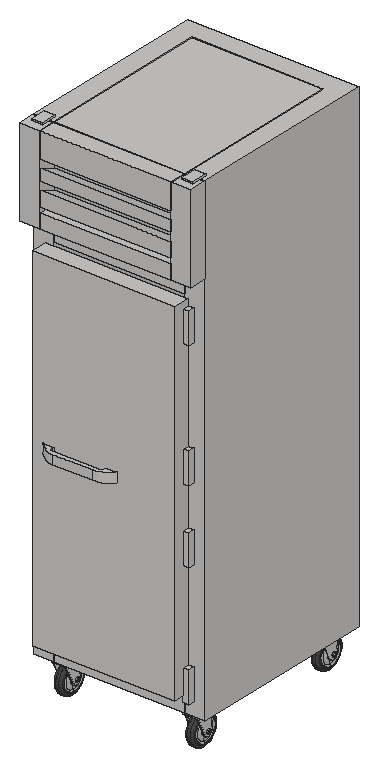
Revit family "QF_TRUE_STA1R-1S-HC", category Specialty Equipment, Revit 2017
Family settings
  Round Connector Dimension = Use Diameter
  Part Type = Normal
  Work Plane-Based = No
  Always vertical = Yes
  Cut with Voids When Loaded = No
  Shared = No
  Room Calculation Point = No
Parameters
  Weight in Pounds = 0
  Watts = if(Phase = 3, Volts * FL Amps * 1.73, Volts * FL Amps)  # 437 W
  Volts = 115 V
  URL Cutsheet = ""
  Specification by User = ""
  Specification by Manufacturer = ""
  Show Seismic Flange [instance] = no
  Show Legs [instance] = no
  Show Clearance [instance] = yes
  Show Casters [instance] = not(or(Show Legs, Show Seismic Flange))  # yes
  Serial Number = ""
  Seismic Rating = ""
  Seismic Flange [instance] = yes
  SMACNA No = ""
  Revision Code = ""
  Phase = 1
  Number of Poles = 1
  NAFEM Spec ID Number = ""
  Model = "STA1R-1S-HC"
  Min Ckt Ampacity = 0 A
  Max Overcurrent Protection = 0 A
  Masterspec = ""
  Manufacturer = "TRUE"
  Length = 27 1/2"
  Legs [instance] = yes
  Item Number = ""
  Installed By = ""
  Identify Quantity as Lot = yes
  Height [instance] = Body Height + Base Height  # 84.13097"
  HP = "1/4"
  Furnished By = ""
  Foodservice Equipment Identifier = yes
  FL Amps = 3.8 A
  Electrical Remarks = ""
  Electric Connection Type = ""
  Elec Conn RI Height = 0"
  Elec Conn Connection Height = 0"
  Description = "REACH-IN SOLID SWING DOOR REFRIGERATORS WITH HYDROCARBON REFRIGERANT"
  Depth = 35 7/32"
  Cycle = 60 Hz
  Conn Plug = "NEMA 5-15P"
  Conn Conduit = yes
  CSI MasterFormat = ""
  Body Height [instance] = 78.00597"
  Base Height [instance] = if(Show Casters, 6 1/8", if(Show Legs, 6", if(Show Seismic Flange, 6", 6 1/8")))  # 6 1/8"
  Apparent Power = if(Phase = 3, Volts * FL Amps * 1.73, Volts * FL Amps)  # 437 VA
Reference planes (in)
  plane 1 "BACK": y = 0
  plane 2: z = 0
  plane 3 "LEFT": x = 0
  plane 4 "RIGHT": x = 27.5
  plane 5 "FRONT": y = -35.21875
  plane 6 "TOP": z = 6.125
  plane 7 "Center Y": x = 13.75
  plane 8 "Center X": y = -17.60937
  plane 9: z = 84.13097
Dimensions and locks (in)
  equal spacing: plane 3 "LEFT", plane 7 "Center Y", plane 4 "RIGHT"
  "Length": plane 3 "LEFT" to plane 4 "RIGHT"
  equal spacing: plane 5 "FRONT", plane 8 "Center X", plane 1 "BACK"
  "Depth": plane 5 "FRONT" to plane 1 "BACK"
  "Base Height": plane 6 "TOP" to level
  "Body Height": plane 9 to plane 6 "TOP"
  plane 9 to plane 2 = 84.13097"
  aligned and locked: plane 2 to level
  aligned and locked: plane 6 "TOP" to nested 5
Nested families (in)
  nested 1: "6 INCHES 01_CASTER" at (3.17613, -28.92578, 0), Seismic Plate <- "Show Seismic Flange", Show 6" Casters <- "Show Casters", Show Legs <- "Show Legs", type "6 INCHES 01_CASTER"
    with Type Mark "", Status "", Specification by User "", Show Legs no, Show 6" Casters yes, Seismic Plate no, Revision Code "", Key Locks yes, Item Number "", Installed By "", Identify Quantity as Lot yes, Furnished By "", Foodservice Equipment Identifier yes
  nested 2: "6 INCHES 01_CASTER" at (3.17613, -3.70678, 0), Seismic Plate <- "Show Seismic Flange", Show 6" Casters <- "Show Casters", Show Legs <- "Show Legs", type "6 INCHES 01_CASTER"
    with Type Mark "", Status "", Specification by User "", Show Legs no, Show 6" Casters yes, Seismic Plate no, Revision Code "", Key Locks yes, Item Number "", Installed By "", Identify Quantity as Lot yes, Furnished By "", Foodservice Equipment Identifier yes
  nested 3: "6 INCHES 01_CASTER" at (24.32387, -28.92578, 0), Seismic Plate <- "Show Seismic Flange", Show 6" Casters <- "Show Casters", Show Legs <- "Show Legs", type "6 INCHES 01_CASTER"
    with Type Mark "", Status "", Specification by User "", Show Legs no, Show 6" Casters yes, Seismic Plate no, Revision Code "", Key Locks yes, Item Number "", Installed By "", Identify Quantity as Lot yes, Furnished By "", Foodservice Equipment Identifier yes
  nested 4: "6 INCHES 01_CASTER" at (24.32387, -3.70678, 0), Seismic Plate <- "Show Seismic Flange", Show 6" Casters <- "Show Casters", Show Legs <- "Show Legs", type "6 INCHES 01_CASTER"
    with Type Mark "", Status "", Specification by User "", Show Legs no, Show 6" Casters yes, Seismic Plate no, Revision Code "", Key Locks yes, Item Number "", Installed By "", Identify Quantity as Lot yes, Furnished By "", Foodservice Equipment Identifier yes
  nested 5: "STA1R-1S-HC" at (0, 0, 0), Show Clearance <- "Show Clearance", type "STA1R-1S-HC"
    with Show Clearance yes
Connectors (in)
  electrical at (21.9001, 0.25, 82.52059), driven by "Volts", driven by "Watts"
    settings: on nested 5, index 1, voltage 115 V, apparent load 437 VA, apparent load phase1 0 VA, apparent load phase2 0 VA, apparent load phase3 0 VA, power factor 1, load classification "Other", number of poles 1, system type 30, power factor state 1, is connector primary yes, connector utility no, sub classification motor no, connector description "ELECTRICAL CONNECTION"
Definition of nested family "6 INCHES 01_CASTER"
  Parameters (values of type "6 INCHES 01_CASTER")
    Weight = ""
    URL Manufacturer = ""
    URL Cutsheet = ""
    URL = ""
    Type Mark [instance] = ""
    Status [instance] = ""
    Specification by User [instance] = ""
    Specification by Manufacturer = ""
    Show Legs [instance] = yes
    Show 6" Casters [instance] = yes
    Serial Number = ""
    Seismic Rating = ""
    Seismic Plate [instance] = yes
    SMACNA No = ""
    Revision Code [instance] = ""
    Omniclass Number and Title = ""
    NAFEM Spec ID Number = ""
    Model = ""
    MasterSpec. = ""
    Manufacturer = ""
    Key Locks [instance] = yes
    Item Number [instance] = ""
    Installed By [instance] = ""
    Identify Quantity as Lot [instance] = yes
    Furnished By [instance] = ""
    Foodservice Equipment Identifier [instance] = yes
    Description = ""
    CSI MasterFormat = ""
    CSI Master Format = ""
    Assembly Code = ""
  Reference planes (in)
    plane 1: z = 0
    plane 2 "RIGHT": x = 0
    plane 3 "FRONT": y = 0
    plane 4 "TOP": z = 6.125
    plane 5: z = 6
  Forms (in)
    Revolve 1, solid, visible <- "Show 6" Casters"
      sketch origin (0, 2.21793, 0) x (0, 1, 0) y (0, 0, 1)
        loop
          line (-2.21793, 6.125) -> (-2.21793, 5.55584) -> (-0.93693, 5.55584) -> (-0.93693, 6.125) -> (-2.21793, 6.125)
        axis (-2.21793, 5.55584) -> (-2.21793, 6.125)
      angle from 0 to 360
    Extrusion 2, solid, visible <- "Show 6" Casters"
      sketch origin (-1.81294, 2.21793, 0) x (0, 1, 0) y (0, 0, 1)
        loop
          line (-3.37793, 5.55584) -> (-3.37793, 5.25584) -> (-3.23369, 5.25584)
          arc (-3.23369, 5.25584) -> (-3.1238, 5.20977) -> (-3.03725, 5.12786) r 0.33195
          line (-3.03725, 5.12786) -> (-1.55521, 1.94961)
          arc (-1.55521, 1.94961) -> (-0.54268, 1.81523) -> (-0.22336, 2.78544) r 0.8
          arc (-0.22336, 2.78544) -> (-0.27816, 2.89808) -> (-0.34988, 3.00079) r 0.8
          arc (-0.34988, 3.00079) -> (-0.37005, 3.3613) -> (-0.26088, 3.70547) r 1
          line (-0.26088, 3.70547) -> (0.31507, 4.78867)
          arc (0.31507, 4.78867) -> (-0.09241, 4.97284) -> (-0.5252, 5.08531) r 2.63
          line (-0.5252, 5.08531) -> (-0.54193, 5.25584) -> (-1.05793, 5.25584) -> (-1.05793, 5.55584) -> (-3.37793, 5.55584)
      from 0.78968 to 0.90247
    Extrusion 3, solid, visible <- "Show 6" Casters"
      sketch origin (0.13094, 2.21793, 0) x (0, 1, 0) y (0, 0, 1)
        loop
          line (-3.37793, 5.55584) -> (-3.37793, 5.25584) -> (-3.23369, 5.25584)
          arc (-3.23369, 5.25584) -> (-3.1238, 5.20977) -> (-3.03725, 5.12786) r 0.33195
          line (-3.03725, 5.12786) -> (-1.55521, 1.94961)
          arc (-1.55521, 1.94961) -> (-0.54268, 1.81523) -> (-0.22336, 2.78544) r 0.8
          arc (-0.22336, 2.78544) -> (-0.27816, 2.89808) -> (-0.34988, 3.00079) r 0.8
          arc (-0.34988, 3.00079) -> (-0.37005, 3.3613) -> (-0.26088, 3.70547) r 1
          line (-0.26088, 3.70547) -> (0.31507, 4.78867)
          arc (0.31507, 4.78867) -> (-0.09241, 4.97284) -> (-0.5252, 5.08531) r 2.63
          line (-0.5252, 5.08531) -> (-0.54193, 5.25584) -> (-1.05793, 5.25584) -> (-1.05793, 5.55584) -> (-3.37793, 5.55584)
      from 0.78968 to 0.90247
    Extrusion 4, solid, visible <- "Show 6" Casters"
      sketch origin (-1.93794, 2.21793, 0) x (0, 1, 0) y (0, 0, 1)
        loop
          line (-3.37793, 5.55584) -> (-3.37793, 5.25584) -> (-3.23369, 5.25584) -> (-0.7432, 5.03796) -> (0.2811, 4.72479) -> (0.31507, 4.78867)
          arc (0.31507, 4.78867) -> (-0.09241, 4.97284) -> (-0.5252, 5.08531) r 2.63
          line (-0.5252, 5.08531) -> (-0.54193, 5.25584) -> (-1.05793, 5.25584) -> (-1.05793, 5.55584) -> (-3.37793, 5.55584)
      from 1.02747 to 2.85669
    Revolve 5, solid, visible <- "Show 6" Casters"
      sketch origin (-1.93794, 1.21343, 0) x (1, 0, 0) y (0, 0, 1)
        loop
          line (0.5843, 2.5041) -> (3.2907, 2.5041) -> (3.2907, 2.6421) -> (3.2407, 2.6921) -> (3.1807, 2.6921) -> (3.1807, 2.8278) -> (2.7025, 2.8278) -> (2.7025, 3.22009) -> (2.5625, 3.30092) -> (2.42847, 4.1291) -> (2.59375, 4.1291) -> (2.59375, 4.3791) -> (2.5625, 4.3791) -> (2.5625, 4.6291)
          arc (2.5625, 4.6291) -> (2.45267, 4.89426) -> (2.1875, 5.0041) r 0.375
          line (2.1875, 5.0041) -> (1.6875, 5.0041)
          arc (1.6875, 5.0041) -> (1.42233, 4.89426) -> (1.3125, 4.6291) r 0.375
          line (1.3125, 4.6291) -> (1.3125, 4.3791) -> (1.28125, 4.3791) -> (1.28125, 4.1291) -> (1.44653, 4.1291) -> (1.31307, 3.30443) -> (1.1725, 3.22327) -> (1.1725, 2.8278) -> (0.6943, 2.8278) -> (0.6943, 2.6921) -> (0.6343, 2.6921) -> (0.5843, 2.6421) -> (0.5843, 2.5041)
        axis (0.5843, 2.5041) -> (3.2907, 2.5041)
      angle from 0 to 360
    Revolve 6, solid, visible <- "Show Legs"
      sketch origin (11.12172, 0, 0) x (-1, 0, 0) y (0, 0, -1)
        loop
          line (11.12172, -6) -> (11.12172, 0) -> (10.62172, 0) -> (10.62172, -1.30261) -> (10.37172, -1.30261) -> (10.37172, -6) -> (11.12172, -6)
        axis (11.12172, 0) -> (11.12172, -6)
      angle from 0 to 360
    Extrusion 7, solid, visible <- "Seismic Plate"
      sketch origin (-3.06916, 1.69416, 0) x (1, 0, 0) y (0, 1, 0)
        loop
          circle (3.06916, -1.69416) r 1.5
      from 0 to 0.25
    Revolve 8, solid, visible <- "Seismic Plate"
      sketch origin (11.12172, 0, 0) x (-1, 0, 0) y (0, 0, -1)
        loop
          line (11.12172, -6) -> (11.12172, 0) -> (10.62172, 0) -> (10.62172, -1.30261) -> (10.37172, -1.30261) -> (10.37172, -6) -> (11.12172, -6)
        axis (11.12172, 0) -> (11.12172, -6)
      angle from 0 to 360
  Cuts and joins
    joined: Extrusion 2, Extrusion 3, Extrusion 4
  Lines and regions (in)
    symbolic lines, visible <- "Show 6" Casters"
      curve 1: line (0.70901, 2.6399, 0) -> (1.79507, 2.01286, 0)
      curve 2: line (-1.79099, -1.69023, 0) -> (-0.91599, -0.17468, 0)
      curve 3: line (-0.70493, -2.31727, 0) -> (-1.79099, -1.69023, 0)
      curve 4: line (1.79507, 2.01286, 0) -> (0.92007, 0.49732, 0)
      curve 5: line (-0.16599, 1.12436, 0) -> (0.70901, 2.6399, 0)
      curve 6: line (0.17007, -0.80172, 0) -> (-0.70493, -2.31727, 0)
  Dimensions and locks (in)
    plane 4 "TOP" to level = 6 1/8"  (x2)
    Revolve 5 sketch curve to Revolve 5 sketch curve = 2 1/2"
    locked: Revolve 6 sketch curve to Revolve 6 sketch curve at 1.30261
    locked: Revolve 6 sketch curve to Revolve 6 sketch curve at 0.75
    locked: Revolve 8 sketch curve to Revolve 8 sketch curve at 1.30261
    locked: Revolve 8 sketch curve to Revolve 8 sketch curve at 0.75
    plane 5 to plane 1 = 6"
    aligned and locked: level to plane 1
Definition of nested family "STA1R-1S-HC"
  Parameters (values of type "STA1R-1S-HC")
    Weight in Pounds = 0
    Watts = if(Phase = 3, Volts * FL Amps * 1.73, Volts * FL Amps)  # 1725 W
    Volts = 115 V
    URL Cutsheet = ""
    Specification by User = ""
    Specification by Manufacturer = ""
    Show Clearance [instance] = yes
    Serial Number = ""
    Seismic Rating = ""
    SMACNA No = ""
    Revision Code = ""
    Phase = 1
    Number of Poles = 1
    NAFEM Spec ID Number = ""
    Model = "STA1R-1HG/1HS-HC"
    Min Ckt Ampacity = 0 A
    Max Overcurrent Protection = 0 A
    Masterspec = ""
    Manufacturer = "TRUE"
    Length = 27 1/2"
    Item Number = ""
    Installed By = ""
    Identify Quantity as Lot = yes
    Height = 84 1/8"
    HP = ""
    Furnished By = ""
    Foodservice Equipment Identifier = yes
    FL Amps = 15 A
    Electrical Remarks = ""
    Electric Connection Type = ""
    Elec Conn RI Height = 0"
    Elec Conn Connection Height = 0"
    Description = "REACH-IN SOLID SWING DOOR REFRIGERATORS WITH HYDROCARBON REFRIGERANT"
    Depth = 35 7/32"
    Cycle = 60 Hz
    Conn Plug = "NEMA 5-15P"
    Conn Conduit = yes
    CSI MasterFormat = ""
    Apparent Power = if(Phase = 3, Volts * FL Amps * 1.73, Volts * FL Amps)  # 1725 VA
  Reference planes (in)
    plane 1 "BACK": y = 0
    plane 2: z = 0
    plane 3 "LEFT": x = 0
    plane 4 "RIGHT": x = 27.5
    plane 5 "FRONT": y = -35.21875
    plane 6 "TOP": z = 84.125
    plane 7 "Center Y": x = 13.75
    plane 8 "Center X": y = -17.60937
    plane 9: z = 66.5625
    plane 10: z = 6.625
    plane 11: y = -33.75
    plane 12: y = -31
    plane 13: z = 83.875
    plane 14: z = 69.75
    plane 15: z = 6.125
  Forms (in)
    Extrusion 1, solid
      sketch origin (0, 0, 0) x (1, 0, 0) y (0, 1, 0)
        loop
          line (0, 0) -> (0, -31) -> (3.17613, -31) -> (3.17613, -3.17578) -> (24.32387, -3.17578) -> (24.32387, -31) -> (27.5, -31) -> (27.5, 0) -> (0, 0)
      from 6.125 to 83.875
    Extrusion 2, solid
      sketch origin (29.21234, -31, 0) x (-1, 0, 0) y (0, 0, -1)
        loop
          line (29.21234, -83.875) -> (29.21234, -69.75) -> (26.03622, -69.75) -> (26.03622, -83.875) -> (29.21234, -83.875)
        loop
          line (4.88847, -69.75) -> (1.71234, -69.75) -> (1.71234, -83.875) -> (4.88847, -83.875) -> (4.88847, -69.75)
      from 0 to 2.75
    Extrusion 3, solid
      sketch origin (3.17613, -31, 6.625) x (0, 0, 1) y (0, -1, 0)
        loop
          line (77.25, 2.75) -> (73.08336, 2.75) -> (71.95836, 0) -> (77.25, 0) -> (77.25, 2.75)
        loop
          line (65.40671, 2.75) -> (63.125, 2.75) -> (63.125, 0) -> (65.40671, 0) -> (65.40671, 2.75)
        loop
          line (66.28171, 2.75) -> (66.28171, 0) -> (67.53171, 0) -> (68.65671, 2.75) -> (66.28171, 2.75)
        loop
          line (70.03171, 2.75) -> (68.90671, 0) -> (70.65671, 0) -> (71.78171, 2.75) -> (70.03171, 2.75)
      from 0 to 21.14774
    Extrusion 4, solid
      sketch origin (3.17613, -31, 6.625) x (0, 0, 1) y (0, -1, 0)
        loop
          line (63.125, -2) -> (63.125, 0) -> (59.9375, 0) -> (59.9375, -2) -> (63.125, -2)
        loop
          line (-0.5, -27.82422) -> (3.1178, -27.82422) -> (3.1178, 0) -> (-0.5, 0) -> (-0.5, -27.82422)
        loop
          line (77.25, 0) -> (75.25, 0) -> (75.25, -27.82422) -> (77.25, -27.82422) -> (77.25, 0)
      from 0 to 21.14774
    Extrusion 5, solid
      sketch origin (29.21234, -31, 0) x (-1, 0, 0) y (0, 0, -1)
        loop
          line (4.33734, -65.065) -> (4.33734, -60.065) -> (3.38847, -60.065) -> (3.38847, -65.065) -> (4.33734, -65.065)
        loop
          line (4.33734, -44.815) -> (4.33734, -39.815) -> (3.38847, -39.815) -> (3.38847, -44.815) -> (4.33734, -44.815)
        loop
          line (4.33734, -33.065) -> (4.33734, -28.065) -> (3.38847, -28.065) -> (3.38847, -33.065) -> (4.33734, -33.065)
        loop
          line (4.33734, -13.315) -> (4.33734, -8.315) -> (3.38847, -8.315) -> (3.38847, -13.315) -> (4.33734, -13.315)
      from 0 to 1
    Extrusion 6, solid
      sketch origin (0, 0, 0) x (1, 0, 0) y (0, 0, -1)
        loop
          circle (21.9001, -82.52059) r 0.75
      from 0 to 0.25
    Extrusion 7, solid
      sketch origin (24.32387, -31, 83.875) x (1, 0, 0) y (0, 1, 0)
        loop
          line (0.64046, 1.14875) -> (0.64046, -1.35125) -> (2.39046, -1.35125) -> (2.39046, 1.14875) -> (0.64046, 1.14875)
        loop
          line (-21.7882, 1.14875) -> (-23.5382, 1.14875) -> (-23.5382, -1.35125) -> (-21.7882, -1.35125) -> (-21.7882, 1.14875)
      from 0 to 0.25
    Extrusion 8, solid, visible <- "Show Clearance", detail levels coarse
      sketch origin (0, 1.46875, 0) x (1, 0, 0) y (0, 1, 0)
        loop
          arc (2, -35.21875) -> (9.33055, -50.38495) -> (24.875, -56.87498) r 23.74968
          line (24.875, -56.87498) -> (24.875, -35.21875) -> (2, -35.21875)
      from 66.0625 to 9.2428
    Extrusion 9, solid
      sketch origin (29.21234, -31, 0) x (-1, 0, 0) y (0, 0, -1)
        loop
          line (27.21234, -9.2428) -> (4.33734, -9.2428) -> (4.33734, -66.0625) -> (27.21234, -66.0625) -> (27.21234, -9.2428)
      from 0 to 2.75
    Extrusion 10, solid
      sketch origin (60.97595, 0, 35.23433) x (0, 1, 0) y (-1, 0, 0)
        loop
          line (-33.75, 55.4683) -> (-33.75, 57.23014)
          arc (-33.75, 57.23014) -> (-34.78358, 56.04334) -> (-35.21875, 54.53092) r 3.6356
          line (-35.21875, 54.53092) -> (-35.21875, 48.02235)
          arc (-35.21875, 48.02235) -> (-34.78358, 46.50994) -> (-33.75, 45.32314) r 3.6356
          line (-33.75, 45.32314) -> (-33.75, 47.08498) -> (-34.26221, 47.08498)
          arc (-34.26221, 47.08498) -> (-34.46937, 47.17078) -> (-34.55518, 47.37795) r 0.29297
          line (-34.55518, 47.37795) -> (-34.55518, 55.17375)
          arc (-34.55518, 55.17375) -> (-34.46891, 55.38203) -> (-34.26063, 55.4683) r 0.29455
          line (-34.26063, 55.4683) -> (-33.75, 55.4683)
      from 2.2863 to 3.74581
  Lines and regions (in)
    symbolic lines
      curve 1: line (2.2863, -35.21875, 0) -> (2.2863, -33.75, 0)
      curve 2: line (2.2863, -35.21875, 0) -> (3.74581, -35.21875, 0)
      curve 3: line (3.74581, -35.21875, 0) -> (3.74581, -33.75, 0)
      curve 4: line (0, -33.75, 0) -> (27.5, -33.75, 0)
      curve 5: line (27.5, -33.75, 0) -> (27.5, 0, 0)
      curve 6: line (27.5, 0, 0) -> (0, 0, 0)
      curve 7: line (0, 0, 0) -> (0, -33.75, 0)
      curve 8: line (24.875, -33.75, 0) -> (5.83188, -44.74455, 0)
      curve 9: arc (2, -33.75, 0) -> (3.23175, -39.48573, 0) -> (5.83188, -44.74455, 0) r 23.74968
      curve 10: line (0.78567, -29.85125, 0) -> (2.53567, -29.85125, 0)
      curve 11: line (0.78567, -32.35125, 0) -> (0.78567, -29.85125, 0)
      curve 12: line (2.53567, -32.35125, 0) -> (0.78567, -32.35125, 0)
      curve 13: line (2.53567, -29.85125, 0) -> (2.53567, -32.35125, 0)
      curve 14: line (24.96433, -29.85125, 0) -> (26.71433, -29.85125, 0)
      curve 15: line (24.96433, -32.35125, 0) -> (24.96433, -29.85125, 0)
      curve 16: line (26.71433, -32.35125, 0) -> (24.96433, -32.35125, 0)
      curve 17: line (26.71433, -29.85125, 0) -> (26.71433, -32.35125, 0)
      curve 18: line (24.96433, -31.00634, 0) -> (2.53567, -31.00634, 0)
      curve 19: line (0, -31, 0) -> (0.78567, -31, 0)
      curve 20: line (27.5, -31, 0) -> (26.71433, -31, 0)
  Dimensions and locks (in)
    equal spacing: plane 3 "LEFT", plane 7 "Center Y", plane 4 "RIGHT"
    "Length": plane 3 "LEFT" to plane 4 "RIGHT"
    equal spacing: plane 5 "FRONT", plane 8 "Center X", plane 1 "BACK"
    "Depth": plane 5 "FRONT" to plane 1 "BACK"
    "Height": plane 6 "TOP" to level
    plane 4 "RIGHT" to plane 3 "LEFT" = 27 1/2"
    plane 9 to plane 10 = 59 15/16"
    plane 5 "FRONT" to plane 1 "BACK" = 35 7/32"
    plane 11 to plane 1 "BACK" = 33 3/4"
    plane 12 to plane 1 "BACK" = 31"
    plane 13 to plane 10 = 77 1/4"
    plane 6 "TOP" to plane 13 = 1/4"
    plane 6 "TOP" to plane 14 = 14 3/8"
    plane 15 to plane 2 = 6 1/8"
    aligned and locked: plane 2 to level
  Automatic sketch dimensions
    curve 19 to plane 3 "LEFT" = 0"
    curve 19 to plane 12 = 0"
    curve 9 to plane 11 = 0"
    plane 5 "FRONT" to curve 2 = 0"
    curve 20 to plane 12 = 0"
    plane 1 "BACK" to curve 6 = 0"
    curve 6 to plane 4 "RIGHT" = 0"
    plane 3 "LEFT" to curve 11 = 0.78567"
    plane 3 "LEFT" to curve 2 = 2.2863"
    curve 1 to curve 13 = 0.24937"
    curve 1 to curve 2 = 1.45951"
    plane 3 "LEFT" to curve 8 = 5.83188"
    plane 4 "RIGHT" to curve 16 = 2.53567"
    curve 18 to curve 9 = 0.69405"
    plane 4 "RIGHT" to curve 16 = 0.78567"
    plane 5 "FRONT" to curve 8 = 9.5258"
    curve 11 to plane 12 = 1.35125"
    curve 16 to plane 12 = 1.35125"
    curve 9 to plane 12 = 0.66948"
    curve 20 to curve 14 = 1.14875"
    plane 12 to curve 13 = 1.14875"
    curve 8 to curve 15 = 0.08933"
    curve 18 to plane 12 = 0.00634"
    plane 1 "BACK" to Extrusion 1 sketch curve = 0"
    Extrusion 1 sketch curve to plane 3 "LEFT" = 0"
    Extrusion 1 sketch curve to plane 12 = 0"  (x2)
    Extrusion 1 sketch curve to plane 4 "RIGHT" = 0"
    plane 3 "LEFT" to Extrusion 1 sketch curve = 3.17613"
    plane 4 "RIGHT" to Extrusion 1 sketch curve = 3.17613"
    plane 1 "BACK" to Extrusion 1 sketch curve = 3 45/256"
    Extrusion 2 sketch curve to Extrusion 1 = 0"  (x4)
    Extrusion 1 to Extrusion 2 sketch curve = 21.14774"
    Extrusion 2 sketch curve to Extrusion 2 sketch curve = 3.17613"
    Extrusion 2 sketch curve to Extrusion 2 sketch curve = 14 1/8"  (x2)
    Extrusion 3 sketch curve to Extrusion 2 = 0"  (x10)
    Extrusion 2 to Extrusion 3 sketch curve = 2.28171"
    Extrusion 3 sketch curve to Extrusion 3 sketch curve = 7/8"
    Extrusion 3 sketch curve to Extrusion 3 sketch curve = 1 1/4"
    Extrusion 3 sketch curve to Extrusion 3 sketch curve = 2 3/8"
    Extrusion 3 sketch curve to Extrusion 3 sketch curve = 1 3/8"  (x2)
    Extrusion 3 sketch curve to Extrusion 3 sketch curve = 1 3/4"  (x2)
    Extrusion 3 sketch curve to Extrusion 3 sketch curve = 1.30166"  (x2)
    Extrusion 4 sketch curve to Extrusion 2 = 0"  (x4)
    Extrusion 2 to Extrusion 4 sketch curve = 0"
    Extrusion 4 sketch curve to Extrusion 2 = 3 3/16"
    Extrusion 4 sketch curve to Extrusion 4 sketch curve = 3.6178"
    Extrusion 4 sketch curve to Extrusion 2 = 2"
    Extrusion 4 sketch curve to Extrusion 4 sketch curve = 2"
    Extrusion 4 sketch curve to Extrusion 2 = 27 211/256"
    Extrusion 5 sketch curve to Extrusion 1 = 1 1/2"  (x4)
    Extrusion 5 sketch curve to Extrusion 1 = 0.55113"  (x4)
    Extrusion 1 to Extrusion 5 sketch curve = 18.81"
    Extrusion 5 sketch curve to Extrusion 5 sketch curve = 5"  (x3)
    Extrusion 5 sketch curve to Extrusion 5 sketch curve = 15 1/4"
    Extrusion 5 sketch curve to Extrusion 5 sketch curve = 6 3/4"
    Extrusion 1 to Extrusion 5 sketch curve = 7.19"
    Extrusion 1 to Extrusion 5 sketch curve = 2.19"
    Extrusion 1 to Extrusion 6 sketch curve = 1.35441"
    Extrusion 6 sketch curve to Extrusion 1 = 5.5999"
    Extrusion 7 sketch curve to Extrusion 2 = 1.14875"  (x2)
    Extrusion 7 sketch curve to Extrusion 2 = 23.5382"
    Extrusion 7 sketch curve to Extrusion 7 sketch curve = 1 3/4"
    Extrusion 2 to Extrusion 7 sketch curve = 0.64046"
    Extrusion 2 to Extrusion 7 sketch curve = 0.78567"
    Extrusion 2 to Extrusion 7 sketch curve = 1.35125"  (x2)
    Extrusion 8 sketch curve to plane 11 = 0"
    plane 3 "LEFT" to Extrusion 8 sketch curve = 2"
    plane 4 "RIGHT" to Extrusion 8 sketch curve = 2 5/8"
    Extrusion 8 sketch curve to plane 12 = 0.66948"
    plane 4 "RIGHT" to Extrusion 8 sketch curve = 1.84162"
    Extrusion 1 to Extrusion 9 sketch curve = 3.1178"
    Extrusion 1 to Extrusion 9 sketch curve = 21.69887"
    Extrusion 9 sketch curve to Extrusion 1 = 1.17613"
    Extrusion 9 sketch curve to Extrusion 9 sketch curve = 56.8197"
    plane 5 "FRONT" to Extrusion 10 sketch curve = 0"
    Extrusion 10 sketch curve to plane 11 = 0"  (x2)
    Extrusion 10 sketch curve to plane 5 "FRONT" = 0.66357"
    Extrusion 10 sketch curve to Extrusion 10 sketch curve = 75/256"
    Extrusion 10 sketch curve to Extrusion 10 sketch curve = 0.29455"
    Extrusion 10 sketch curve to plane 12 = 0.59013"  (x2)
    plane 7 "Center Y" to Extrusion 10 sketch curve = 1.90281"
    plane 7 "Center Y" to Extrusion 10 sketch curve = 0.14097"
    Extrusion 10 sketch curve to plane 7 "Center Y" = 0.79641"
    Extrusion 10 sketch curve to Extrusion 10 sketch curve = 6.05804"
    Extrusion 10 sketch curve to Extrusion 10 sketch curve = 0.22526"
    Extrusion 10 sketch curve to Extrusion 10 sketch curve = 0.64282"
    Extrusion 4 sketch curve to Extrusion 4 sketch curve = 56.8197"
    Extrusion 4 sketch curve to Extrusion 4 sketch curve = 27 211/256"
    radius of Extrusion 6 sketch curve = 3/4"
  Connectors (in)
    electrical at (21.9001, 0.25, 82.52059), driven by "Volts", driven by "Watts"
      settings: on Extrusion 6, index 1, voltage 115 V, apparent load 1725 VA, apparent load phase1 0 VA, apparent load phase2 0 VA, apparent load phase3 0 VA, power factor 1, load classification none, number of poles 1, system type 30, power factor state 1, is connector primary yes, connector utility no, sub classification motor no, connector description "ELECTRICAL CONNECTION"
